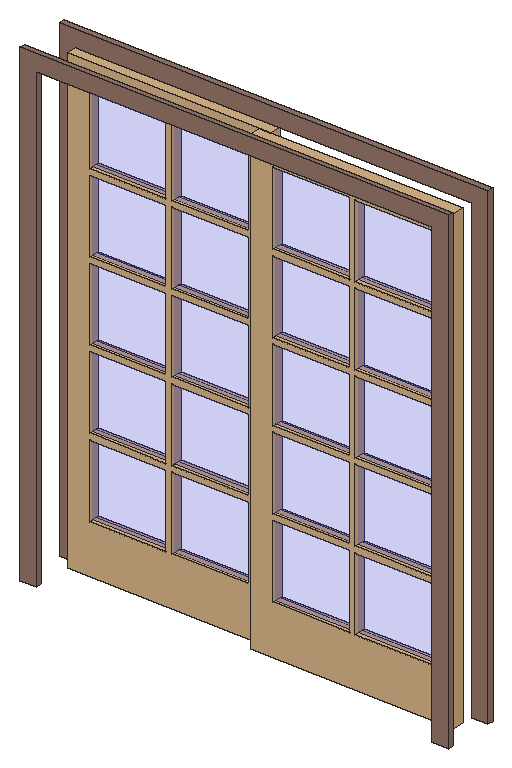
Revit family "0074_M_DR_W_sliding-2 panel 2", category 문, Revit 2026
Family settings
  호스트 = 벽
  항상 수직 = 예
  로드될 때 보이드를 사용하여 절단 = 아니오
  공유 = 아니오
  룸 계산 점 = 아니오
Parameters (values of type "72" x 84"")
  기능 = 내부
  Top Rail = 0' - 4"
  두께 = 0' - 2"
  Stile Width = 0' - 4"
  Muntin = 0' - 1"
  Bottom Rail = 0' - 9"
  조합 코드 = "C1020"
  Door Material = Door - Panel
  Frame Material = Door - Frame
  Height = 7' - 0"
  Trim Projection Ext = 0' - 1"
  Trim Projection Int = 0' - 1"
  Trim Width = 0' - 3"
  벽 마무리 = 호스트별
  Width = 6' - 0"
Types (6): name | Top Rail | 두께 | Stile Width | Muntin | Bottom Rail | 조합 코드 | Height | Trim Projection Ext | Trim Projection Int | Trim Width | Width
  72" x 84" | 0' - 4" | 0' - 2" | 0' - 4" | 0' - 1" | 0' - 9" | "C1020" | 7' - 0" | 0' - 1" | 0' - 1" | 0' - 3" | 6' - 0"
  68" x 80" | 0' - 4" | 0' - 2" | 0' - 4" | 0' - 1" | 0' - 9" | "C1020" | 6' - 8" | 0' - 1" | 0' - 1" | 0' - 3" | 5' - 8"
  68" x 84" | 0' - 4" | 0' - 2" | 0' - 4" | 0' - 1" | 0' - 9" | "C1020" | 7' - 0" | 0' - 1" | 0' - 1" | 0' - 3" | 5' - 8"
  72" x 78" | 0' - 4" | 0' - 2" | 0' - 4" | 0' - 1" | 0' - 9" | "C1020" | 6' - 6" | 0' - 1" | 0' - 1" | 0' - 3" | 6' - 0"
  72" x 82" | 0' - 4" | 0' - 2" | 0' - 4" | 0' - 1" | 0' - 9" | "C1020" | 6' - 10" | 0' - 1" | 0' - 1" | 0' - 3" | 6' - 0"
  1830 x 2134mm | 0' - 3.93701" | 0' - 1.9685" | 0' - 3.93701" | 0' - 0.98425" | 0' - 9.44882" | 0' - 0" | 7' - 0.01575" | 0' - 0.98425" | 0' - 0.98425" | 0' - 2.95276" | 6' - 0.04724"
Reference planes (in)
  plane 1: y = 0
  plane 2: z = 0
  plane 3: x = 0
  plane 4: x = -36
  plane 5: x = 36
  plane 6: z = 84
  plane 7: y = 9
  plane 8: y = 1
  plane 9: x = 1
  plane 10: x = -1
  plane 11: z = 80
  plane 12: x = 3
  plane 13: x = 32
  plane 14: z = 9
  plane 15: z = 80
  plane 16: z = 9
  plane 17: x = -32
  plane 18: x = -3
  plane 19: x = -17.5
  plane 20: z = 81
  plane 21: z = 66.6
  plane 22: z = 52.2
  plane 23: z = 37.8
  plane 24: z = 23.4
  plane 25: z = 65.6
  plane 26: z = 51.2
  plane 27: z = 36.8
  plane 28: z = 22.4
  plane 29: y = 7
  plane 30: y = 5
  plane 31: x = 17.5
  plane 32: z = 66.6
  plane 33: z = 52.2
  plane 34: z = 37.8
  plane 35: z = 23.4
  plane 36: z = 81
  plane 37: z = 65.6
  plane 38: z = 51.2
  plane 39: z = 36.8
  plane 40: z = 22.4
Forms (in)
  Extrusion 1, solid, material "Door - Frame" <- "Frame Material"
    sketch origin (-60, 9, 0) x (-1, 0, 0) y (0, 0, 1)
      loop
        line (-96, 0) -> (-96, 84) -> (-24, 84) -> (-24, 0) -> (-21, 0) -> (-21, 87) -> (-99, 87) -> (-99, 0) -> (-96, 0)
    from 0 to 1
  Extrusion 2, solid, material "Door - Frame" <- "Frame Material"
    sketch origin (0, 1, 0) x (0, 0, -1) y (-1, 0, 0)
      loop
        line (0, 36) -> (0, 39) -> (-87, 39) -> (-87, -39) -> (0, -39) -> (0, -36) -> (-84, -36) -> (-84, 36) -> (0, 36)
    from 0 to -1
  Extrusion 3, solid, material "Door - Panel" <- "Door Material"
    sketch origin (-60, 9, 0) x (-1, 0, 0) y (0, 0, 1)
      loop
        line (-96, 84) -> (-96, 0) -> (-59, 0) -> (-59, 84) -> (-96, 84)
      loop
        line (-92, 80) -> (-92, 66.6) -> (-78, 66.6) -> (-78, 80) -> (-92, 80)
      loop
        line (-92, 9) -> (-78, 9) -> (-78, 22.4) -> (-92, 22.4) -> (-92, 9)
      loop
        line (-63, 9) -> (-63, 22.4) -> (-77, 22.4) -> (-77, 9) -> (-63, 9)
      loop
        line (-63, 80) -> (-77, 80) -> (-77, 66.6) -> (-63, 66.6) -> (-63, 80)
      loop
        line (-92, 65.6) -> (-92, 52.2) -> (-78, 52.2) -> (-78, 65.6) -> (-92, 65.6)
      loop
        line (-92, 51.2) -> (-92, 37.8) -> (-78, 37.8) -> (-78, 51.2) -> (-92, 51.2)
      loop
        line (-63, 37.8) -> (-63, 51.2) -> (-77, 51.2) -> (-77, 37.8) -> (-63, 37.8)
      loop
        line (-63, 36.8) -> (-77, 36.8) -> (-77, 23.4) -> (-63, 23.4) -> (-63, 36.8)
      loop
        line (-92, 23.4) -> (-78, 23.4) -> (-78, 36.8) -> (-92, 36.8) -> (-92, 23.4)
      loop
        line (-63, 65.6) -> (-77, 65.6) -> (-77, 52.2) -> (-63, 52.2) -> (-63, 65.6)
    from -4 to -2
  Extrusion 4, solid, material "Door - Panel" <- "Door Material"
    sketch origin (-60, 9, 0) x (-1, 0, 0) y (0, 0, 1)
      loop
        line (-61, 84) -> (-61, 0) -> (-24, 0) -> (-24, 84) -> (-61, 84)
      loop
        line (-28, 9) -> (-28, 22.4) -> (-42, 22.4) -> (-42, 9) -> (-28, 9)
      loop
        line (-28, 80) -> (-42, 80) -> (-42, 66.6) -> (-28, 66.6) -> (-28, 80)
      loop
        line (-57, 80) -> (-57, 66.6) -> (-43, 66.6) -> (-43, 80) -> (-57, 80)
      loop
        line (-57, 9) -> (-43, 9) -> (-43, 22.4) -> (-57, 22.4) -> (-57, 9)
      loop
        line (-28, 65.6) -> (-42, 65.6) -> (-42, 52.2) -> (-28, 52.2) -> (-28, 65.6)
      loop
        line (-28, 51.2) -> (-42, 51.2) -> (-42, 37.8) -> (-28, 37.8) -> (-28, 51.2)
      loop
        line (-28, 36.8) -> (-42, 36.8) -> (-42, 23.4) -> (-28, 23.4) -> (-28, 36.8)
      loop
        line (-57, 52.2) -> (-43, 52.2) -> (-43, 65.6) -> (-57, 65.6) -> (-57, 52.2)
      loop
        line (-43, 51.2) -> (-57, 51.2) -> (-57, 37.8) -> (-43, 37.8) -> (-43, 51.2)
      loop
        line (-43, 36.8) -> (-57, 36.8) -> (-57, 23.4) -> (-43, 23.4) -> (-43, 36.8)
    from -2 to 0
  Extrusion 5, solid, material "Glass"
    sketch origin (0, -0.04079, 0) x (0, 0, -1) y (1, 0, 0)
      loop
        line (-80, -32) -> (-66.6, -32) -> (-66.6, -18) -> (-80, -18) -> (-80, -32)
      loop
        line (-80, -17) -> (-66.6, -17) -> (-66.6, -3) -> (-80, -3) -> (-80, -17)
      loop
        line (-65.6, -3) -> (-65.6, -17) -> (-52.2, -17) -> (-52.2, -3) -> (-65.6, -3)
      loop
        line (-52.2, -32) -> (-52.2, -18) -> (-65.6, -18) -> (-65.6, -32) -> (-52.2, -32)
      loop
        line (-51.2, -3) -> (-51.2, -17) -> (-37.8, -17) -> (-37.8, -3) -> (-51.2, -3)
      loop
        line (-37.8, -18) -> (-51.2, -18) -> (-51.2, -32) -> (-37.8, -32) -> (-37.8, -18)
      loop
        line (-36.8, -3) -> (-36.8, -17) -> (-23.4, -17) -> (-23.4, -3) -> (-36.8, -3)
      loop
        line (-36.8, -18) -> (-36.8, -32) -> (-23.4, -32) -> (-23.4, -18) -> (-36.8, -18)
      loop
        line (-22.4, -32) -> (-9, -32) -> (-9, -18) -> (-22.4, -18) -> (-22.4, -32)
      loop
        line (-9, -17) -> (-9, -3) -> (-22.4, -3) -> (-22.4, -17) -> (-9, -17)
    from -8.45304 to -7.54079
  Extrusion 6, solid, material "Glass"
    sketch origin (-60, 9, 0) x (-1, 0, 0) y (0, 0, 1)
      loop
        line (-92, 80) -> (-92, 66.6) -> (-78, 66.6) -> (-78, 80) -> (-92, 80)
      loop
        line (-77, 80) -> (-77, 66.6) -> (-63, 66.6) -> (-63, 80) -> (-77, 80)
      loop
        line (-92, 65.6) -> (-92, 52.2) -> (-78, 52.2) -> (-78, 65.6) -> (-92, 65.6)
      loop
        line (-77, 65.6) -> (-77, 52.2) -> (-63, 52.2) -> (-63, 65.6) -> (-77, 65.6)
      loop
        line (-92, 51.2) -> (-92, 37.8) -> (-78, 37.8) -> (-78, 51.2) -> (-92, 51.2)
      loop
        line (-77, 51.2) -> (-77, 37.8) -> (-63, 37.8) -> (-63, 51.2) -> (-77, 51.2)
      loop
        line (-92, 36.8) -> (-92, 23.4) -> (-78, 23.4) -> (-78, 36.8) -> (-92, 36.8)
      loop
        line (-77, 36.8) -> (-77, 23.4) -> (-63, 23.4) -> (-63, 36.8) -> (-77, 36.8)
      loop
        line (-92, 22.4) -> (-92, 9) -> (-78, 9) -> (-78, 22.4) -> (-92, 22.4)
      loop
        line (-77, 22.4) -> (-77, 9) -> (-63, 9) -> (-63, 22.4) -> (-77, 22.4)
    from -3.47821 to -2.51066
Lines and regions (in)
  Opening 1
    outline origin (-60, 1, 144) x (0, 0, -1) y (1, 0, 0)
      loop
        line (60, 96) -> (60, 24) -> (144, 24) -> (144, 96) -> (60, 96)
  symbolic lines, style "DoorsGlassProjection"
    curve 1: line (-34, 8, 0) -> (-1, 8, 0)
    curve 2: line (1, 6, 0) -> (34, 6, 0)
  symbolic lines, style "DoorsFrameMullionProjection"
    curve 3: line (34, 7, 0) -> (36, 7, 0)
    curve 4: line (34, 7, 0) -> (34, 5, 0)
    curve 5: line (34, 5, 0) -> (36, 5, 0)
    curve 6: line (36, 7, 0) -> (36, 5, 0)
    curve 7: line (-1, 9, 0) -> (1, 9, 0)
    curve 8: line (-1, 9, 0) -> (-1, 7, 0)
    curve 9: line (-1, 7, 0) -> (1, 7, 0)
    curve 10: line (1, 9, 0) -> (1, 7, 0)
    curve 11: line (-1, 7, 0) -> (1, 7, 0)
    curve 12: line (-1, 7, 0) -> (-1, 5, 0)
    curve 13: line (-1, 5, 0) -> (1, 5, 0)
    curve 14: line (1, 7, 0) -> (1, 5, 0)
    curve 15: line (-36, 9, 0) -> (-34, 9, 0)
    curve 16: line (-36, 9, 0) -> (-36, 7, 0)
    curve 17: line (-36, 7, 0) -> (-34, 7, 0)
    curve 18: line (-34, 9, 0) -> (-34, 7, 0)
Text (in)
  text "Exterior" at (-68.33502, 21.89683, 0), in view "Ground floor"
  text "Exterior" at (0, 35.48876, 116.93956), in view "Left"
Dimensions and locks (in)
  equal spacing: plane 4, plane 3, plane 5
  "Width": plane 4 to plane 5
  "Height": plane 2 to plane 6
  "Trim Width": plane 6 to Extrusion 1 sketch curve
  "Trim Width": plane 4 to Extrusion 1 sketch curve
  "Trim Width": plane 5 to Extrusion 1 sketch curve
  "Trim Projection Int": plane 8 to Extrusion 2
  "Trim Projection Ext": Extrusion 1 to Extrusion 1
  "Trim Width": Extrusion 2 sketch curve to plane 4
  "Trim Width": plane 5 to Extrusion 2 sketch curve
  "Trim Width": Extrusion 2 sketch curve to plane 6
  plane 10 to plane 3 to plane 9 = 0' - 1" locked, 0' - 1" locked
  "Top Rail": plane 11 to plane 6
  "Bottom Rail": plane 2 to plane 14
  "Stile Width": plane 13 to plane 5
  "Stile Width": plane 10 to plane 12
  "Top Rail": plane 15 to plane 6
  "Bottom Rail": level to plane 16
  "Stile Width": plane 17 to plane 4
  "Stile Width": plane 9 to plane 18
  equal spacing: plane 18, plane 19, plane 17
  "Muntin": plane 15 to plane 20
  equal spacing: plane 16, plane 24, plane 23, plane 22, plane 21, plane 20
  "Muntin": Extrusion 4 sketch curve to Extrusion 4 sketch curve
  equal spacing: Extrusion 4 sketch curve, plane 19, Extrusion 4 sketch curve
  "Muntin": plane 21 to plane 25
  "Muntin": plane 22 to plane 26
  "Muntin": plane 23 to plane 27
  "Muntin": plane 24 to plane 28
  plane 30 to plane 29 to plane 7 = 0' - 2" locked, 0' - 2" locked
  equal spacing: plane 12, plane 31, plane 13
  "Muntin": plane 36 to plane 11
  equal spacing: plane 36, plane 32, plane 33, plane 34, plane 35, plane 14
  "Muntin": plane 32 to plane 37
  "Muntin": plane 33 to plane 38
  "Muntin": plane 34 to plane 39
  "Muntin": plane 35 to plane 40
  "Muntin": Extrusion 3 sketch curve to Extrusion 3 sketch curve
  equal spacing: Extrusion 3 sketch curve, plane 31, Extrusion 3 sketch curve
  locked: Extrusion 4 to Extrusion 5 at 0.58775
  locked: Extrusion 4 to Extrusion 5 at 0.5
  aligned and locked: Opening 1 sketch curve to plane 6
  aligned and locked: Opening 1 sketch curve to plane 4
  aligned and locked: plane 5 to Opening 1 sketch curve
  aligned and locked: host wall to plane 7
  aligned and locked: plane 8 to host wall
  aligned and locked: Extrusion 3 sketch curve to plane 10
  aligned and locked: plane 6 to Extrusion 3 sketch curve
  aligned and locked: plane 5 to Extrusion 3 sketch curve
  aligned and locked: plane 9 to Extrusion 4 sketch curve
  aligned and locked: plane 6 to Extrusion 4 sketch curve
  aligned and locked: host wall to Extrusion 4 sketch curve
  aligned and locked: Extrusion 4 sketch curve to host wall
  aligned and locked: plane 13 to Extrusion 3 sketch curve
  aligned and locked: plane 11 to Extrusion 3 sketch curve
  aligned and locked: Extrusion 3 sketch curve to plane 12
  aligned and locked: Extrusion 3 sketch curve to plane 14
  aligned and locked: plane 17 to Extrusion 4 sketch curve
  aligned and locked: Extrusion 4 sketch curve to plane 16
  aligned and locked: plane 15 to Extrusion 4 sketch curve
  aligned and locked: Extrusion 4 sketch curve to plane 18
  aligned and locked: plane 21 to Extrusion 4 sketch curve
  aligned and locked: Extrusion 4 sketch curve to plane 25
  aligned and locked: plane 22 to Extrusion 4 sketch curve
  aligned and locked: Extrusion 4 sketch curve to plane 26
  aligned and locked: plane 23 to Extrusion 4 sketch curve
  aligned and locked: Extrusion 4 sketch curve to plane 27
  aligned and locked: Extrusion 4 sketch curve to plane 28
  aligned and locked: plane 24 to Extrusion 4 sketch curve
  aligned and locked: Extrusion 4 to curve 8
  aligned and locked: host wall to Extrusion 4
  aligned and locked: Extrusion 3 to curve 4  (x2)
  aligned and locked: plane 32 to Extrusion 3 sketch curve
  aligned and locked: plane 37 to Extrusion 3 sketch curve
  aligned and locked: plane 33 to Extrusion 3 sketch curve
  aligned and locked: plane 38 to Extrusion 3 sketch curve
  aligned and locked: Extrusion 3 sketch curve to plane 34
  aligned and locked: Extrusion 3 sketch curve to plane 39
  aligned and locked: plane 35 to Extrusion 3 sketch curve
  aligned and locked: plane 40 to Extrusion 3 sketch curve
  aligned and locked: Extrusion 4 to Extrusion 5 sketch curve  (x9)
  aligned and locked: Extrusion 5 sketch curve to Extrusion 4  (x26)
  aligned and locked: Extrusion 5 sketch curve to Extrusion 5 sketch curve  (x4)
  aligned and locked: Extrusion 3 to Extrusion 6 sketch curve  (x9)
  aligned and locked: Extrusion 6 sketch curve to Extrusion 3  (x27)
  aligned and locked: Extrusion 6 sketch curve to Extrusion 6 sketch curve  (x4)
Automatic sketch dimensions
  Opening 1 sketch curve to level = 0' - 0"
  curve 14 to curve 2 = 0' - 1"
  Extrusion 1 sketch curve to level = 0' - 0"  (x2)
  Extrusion 1 sketch curve to plane 5 = 0' - 0"
  Extrusion 1 sketch curve to plane 4 = 0' - 0"
  Extrusion 1 sketch curve to plane 6 = 0' - 0"
  Extrusion 2 sketch curve to plane 4 = 0' - 0"
  Extrusion 2 sketch curve to plane 6 = 0' - 0"
  Extrusion 2 sketch curve to level = 0' - 0"  (x2)
  Extrusion 2 sketch curve to plane 5 = 0' - 0"
  curve 16 to plane 4 = 0' - 0"
  curve 18 to plane 7 = 0' - 0"
  curve 7 to plane 7 = 0' - 0"
  curve 18 to plane 4 = 0' - 2"
  curve 1 to plane 3 = 0' - 1"
  plane 3 to curve 10 = 0' - 1"
  curve 18 to curve 15 = 0' - 2"
  plane 7 to curve 1 = 0' - 1"
  curve 3 to plane 5 = 0' - 0"
  curve 5 to curve 5 = 0' - 2"
  Extrusion 4 sketch curve to plane 18 = 0' - 0"  (x4)
  Extrusion 4 sketch curve to plane 17 = 0' - 0"  (x4)
  plane 19 to Extrusion 4 sketch curve = 0' - 0 1/2"  (x4)
  Extrusion 4 sketch curve to plane 21 = 0' - 0"
  Extrusion 4 sketch curve to plane 25 = 0' - 0"
  Extrusion 4 sketch curve to plane 15 = 0' - 0"
  Extrusion 4 sketch curve to plane 19 = 0' - 0 1/2"  (x4)
  Extrusion 4 sketch curve to plane 26 = 0' - 0"
  Extrusion 4 sketch curve to plane 22 = 0' - 0"
  Extrusion 4 sketch curve to plane 23 = 0' - 0"
  Extrusion 4 sketch curve to plane 27 = 0' - 0"
  Extrusion 4 sketch curve to plane 16 = 0' - 0"
  Extrusion 4 sketch curve to plane 28 = 0' - 0"
  Extrusion 4 sketch curve to plane 24 = 0' - 0"
  curve 14 to plane 30 = 0' - 0"
  Extrusion 3 sketch curve to level = 0' - 0"
  Extrusion 3 sketch curve to plane 13 = 0' - 0"  (x4)
  Extrusion 3 sketch curve to plane 11 = 0' - 0"
  Extrusion 3 sketch curve to plane 12 = 0' - 0"  (x4)
  Extrusion 3 sketch curve to plane 31 = 0' - 0 1/2"  (x4)
  plane 31 to Extrusion 3 sketch curve = 0' - 0 1/2"  (x4)
  Extrusion 3 sketch curve to plane 32 = 0' - 0"
  Extrusion 3 sketch curve to plane 37 = 0' - 0"
  Extrusion 3 sketch curve to plane 33 = 0' - 0"
  Extrusion 3 sketch curve to plane 38 = 0' - 0"
  Extrusion 3 sketch curve to plane 34 = 0' - 0"
  Extrusion 3 sketch curve to plane 39 = 0' - 0"
  Extrusion 3 sketch curve to plane 14 = 0' - 0"
  Extrusion 3 sketch curve to plane 35 = 0' - 0"
  Extrusion 3 sketch curve to plane 40 = 0' - 0"
  Extrusion 5 sketch curve to Extrusion 5 sketch curve = 0' - 0"
